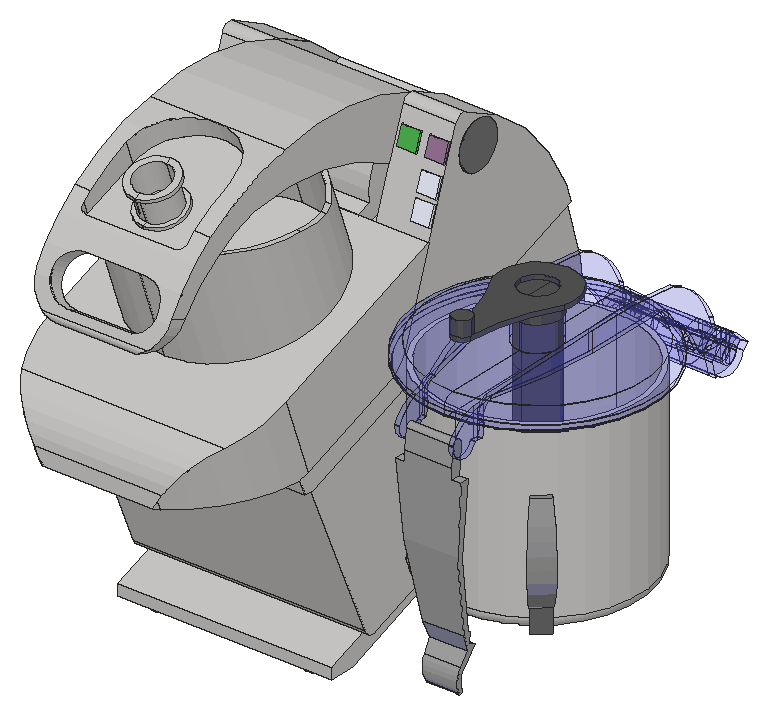
Revit family "QF_ELECTROLUXPROFESSIONAL_600481_TRK45Y", category Specialty Equipment, Revit 2018 (continued)
Definition of nested family "600428_BOWL"
  Lines and regions (mm)
    symbolic lines
      curve 65: arc (-128, -18.211, 0) -> (-101.973, 25.34, 0) -> (-60.771, 54.948, 0) r 124.909
      curve 66: arc (-128, -100.142, 0) -> (-134.909, -59.177, 0) -> (-128, -18.211, 0) r 124.909
      curve 67: line (-108, -177.764, 0) -> (-49.233, -177.764, 0)
      curve 68: line (-128, 191, 0) -> (-128, -17.764, 0)
      curve 69: line (29.233, -177.764, 0) -> (108, -177.764, 0)
      curve 70: line (-128, -97.764, 0) -> (-128, -157.764, 0)
      curve 71: line (-108, 211, 0) -> (108, 211, 0)
      curve 72: arc (-128, -157.764, 0) -> (-122.142, -171.906, 0) -> (-108, -177.764, 0) r 20
      curve 73: arc (108, -177.764, 0) -> (122.142, -171.906, 0) -> (128, -157.764, 0) r 20
      curve 74: arc (128, 191, 0) -> (122.142, 205.142, 0) -> (108, 211, 0) r 20
      curve 75: arc (-108, 211, 0) -> (-122.142, 205.142, 0) -> (-128, 191, 0) r 20
      curve 76: line (45.852, 123.86, 0) -> (-71.073, 123.86, 0)
      curve 77: line (45.852, 137.378, 0) -> (-65.852, 137.378, 0)
      curve 78: line (45.852, 143.082, 0) -> (-65.852, 143.082, 0)
      curve 79: line (53.607, 123.86, 0) -> (45.852, 123.86, 0)
      curve 80: line (45.852, 123.86, 0) -> (45.852, 170.216, 0)
      curve 81: line (45.852, 170.216, 0) -> (-65.852, 170.216, 0)
      curve 82: line (-65.852, 170.216, 0) -> (-65.852, 123.86, 0)
      curve 83: line (102.599, 101.361, 0) -> (117.599, 101.361, 0)
  Dimensions and locks
    plane 4 "TOP" to level = 705.4 mm  (x2)
    plane 7 "LEFT" to plane 3 "Center (Left/Right)" to plane 8 "RIGHT" = 128 mm, 128 mm
    plane 6 "BACK" to plane 1 "Center (Front/Back)" to plane 5 "FRONT" = 211 mm, 211 mm
    plane 6 "BACK" to plane 5 "FRONT" = 422 mm
    plane 7 "LEFT" to plane 8 "RIGHT" = 256 mm
    plane 9 "CenterX" to plane 3 "Center (Left/Right)" = 10 mm
    plane 12 to level = 510 mm
    aligned and locked: level to plane 2
    aligned and locked: Extrusion 5 to cut or joined group of Extrusion 8, Extrusion 9, Extrusion 11, Extrusion 20
